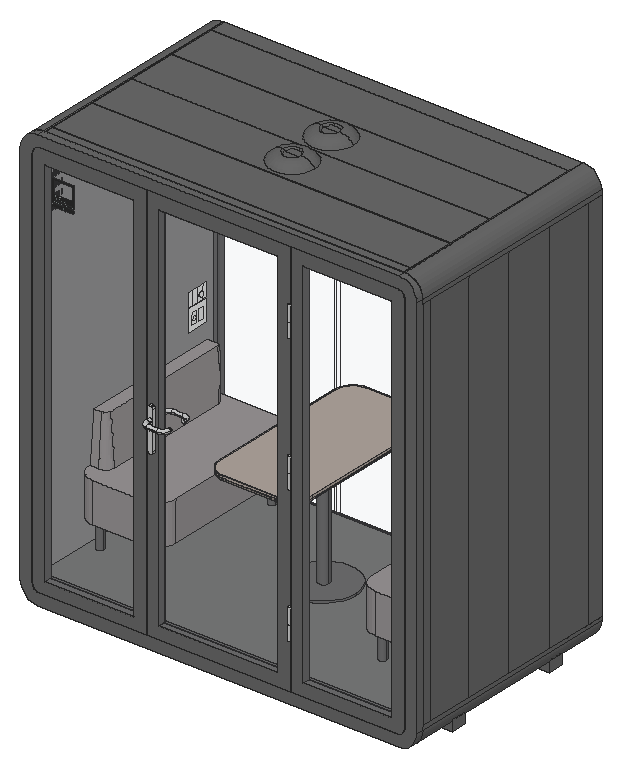
Revit family "MOTTO ML - black", category Entorno, Revit 2023 (continued)
Definition of nested family "Motto ML"
  Automatic sketch dimensions
    Extrusion 114 sketch curve to Extrusion 114 sketch curve = 5.406 mm
    Extrusion 114 sketch curve to Extrusion 114 sketch curve = 7.382 mm
    Extrusion 114 sketch curve to Extrusion 114 sketch curve = 5.539 mm
    Extrusion 114 sketch curve to Extrusion 114 sketch curve = 5.544 mm
    Extrusion 114 sketch curve to Extrusion 114 sketch curve = 11.358 mm  (x2)
    Extrusion 114 sketch curve to Extrusion 114 sketch curve = 11.629 mm
    Extrusion 114 sketch curve to Extrusion 114 sketch curve = 11.639 mm
    Extrusion 114 sketch curve to Extrusion 114 sketch curve = 5.825 mm
    Extrusion 114 sketch curve to Extrusion 114 sketch curve = 1.173 mm  (x2)
    Extrusion 114 sketch curve to Extrusion 114 sketch curve = 2.436 mm  (x2)
    Extrusion 114 sketch curve to Extrusion 114 sketch curve = 4.422 mm
    Extrusion 114 sketch curve to Extrusion 114 sketch curve = 0.578 mm  (x2)
    Extrusion 114 sketch curve to Extrusion 114 sketch curve = 1.93 mm  (x2)
    Extrusion 114 sketch curve to Extrusion 114 sketch curve = 0.414 mm  (x4)
    Extrusion 114 sketch curve to Extrusion 114 sketch curve = 3.706 mm
    Extrusion 114 sketch curve to Extrusion 114 sketch curve = 3.169 mm
    Extrusion 114 sketch curve to Extrusion 114 sketch curve = 3.023 mm  (x2)
    Extrusion 114 sketch curve to Extrusion 114 sketch curve = 0.156 mm
    Extrusion 114 sketch curve to Extrusion 114 sketch curve = 0.748 mm
    Extrusion 114 sketch curve to Extrusion 114 sketch curve = 1.565 mm
    Extrusion 114 sketch curve to Extrusion 114 sketch curve = 1.955 mm
    Extrusion 114 sketch curve to Extrusion 114 sketch curve = 2.276 mm
    Extrusion 114 sketch curve to Extrusion 114 sketch curve = 11.908 mm
    Extrusion 114 sketch curve to Extrusion 114 sketch curve = 8.038 mm
    Extrusion 114 sketch curve to Extrusion 114 sketch curve = 0.842 mm
    Extrusion 114 sketch curve to Extrusion 114 sketch curve = 0.375 mm  (x2)
    Extrusion 114 sketch curve to Extrusion 114 sketch curve = 3.297 mm
    Extrusion 114 sketch curve to Extrusion 114 sketch curve = 4.128 mm
    Extrusion 114 sketch curve to Extrusion 114 sketch curve = 1.987 mm
    Extrusion 114 sketch curve to Extrusion 114 sketch curve = 1.889 mm  (x2)
    Extrusion 114 sketch curve to Extrusion 114 sketch curve = 1.797 mm  (x3)
    Extrusion 114 sketch curve to Extrusion 114 sketch curve = 6.141 mm
    Extrusion 114 sketch curve to Extrusion 114 sketch curve = 4.462 mm
    Extrusion 114 sketch curve to Extrusion 114 sketch curve = 6.229 mm
    Extrusion 114 sketch curve to Extrusion 114 sketch curve = 2.94 mm
    Extrusion 114 sketch curve to Extrusion 114 sketch curve = 0.316 mm
    Extrusion 114 sketch curve to Extrusion 114 sketch curve = 0.241 mm  (x2)
    Extrusion 114 sketch curve to Extrusion 114 sketch curve = 12.049 mm
    Extrusion 115 sketch curve to Extrusion 115 sketch curve = 0 mm  (x2)
    plane 8 to Extrusion 115 sketch curve = 172.42 mm
    Extrusion 115 sketch curve to Extrusion 115 sketch curve = 3.965 mm
    Extrusion 115 sketch curve to Extrusion 115 sketch curve = 4 mm  (x2)
    Extrusion 115 sketch curve to Extrusion 115 sketch curve = 2.046 mm
    Extrusion 115 sketch curve to Extrusion 115 sketch curve = 0.5 mm  (x12)
    Extrusion 115 sketch curve to Extrusion 115 sketch curve = 2.736 mm  (x2)
    Extrusion 115 sketch curve to Extrusion 115 sketch curve = 1.621 mm
    Extrusion 115 sketch curve to Extrusion 115 sketch curve = 4.7 mm
    Extrusion 115 sketch curve to Extrusion 115 sketch curve = 5.159 mm
    Extrusion 115 sketch curve to Extrusion 115 sketch curve = 2.121 mm
    Extrusion 115 sketch curve to Extrusion 115 sketch curve = 2.081 mm
    Extrusion 115 sketch curve to Extrusion 115 sketch curve = 4.817 mm
    Extrusion 115 sketch curve to plane 5 = 172.133 mm
    Extrusion 115 sketch curve to Extrusion 115 sketch curve = 6.721 mm
    Extrusion 115 sketch curve to Extrusion 115 sketch curve = 5.672 mm
    Extrusion 115 sketch curve to Extrusion 115 sketch curve = 2.427 mm  (x2)
    Extrusion 115 sketch curve to Extrusion 115 sketch curve = 1.963 mm
    Extrusion 115 sketch curve to Extrusion 115 sketch curve = 2.463 mm
    Extrusion 115 sketch curve to Extrusion 115 sketch curve = 0.968 mm
    Extrusion 115 sketch curve to Extrusion 115 sketch curve = 7.468 mm
    Extrusion 116 sketch curve to plane 9 = 66 mm
    plane 10 to Extrusion 116 sketch curve = 66 mm
    plane 6 to Extrusion 116 sketch curve = 132.345 mm
    plane 6 to Extrusion 116 sketch curve = 65 mm
    Extrusion 117 sketch curve to plane 3 "Center (Left/Right)" = 381.56 mm
    Extrusion 117 sketch curve to Extrusion 117 sketch curve = 15 mm
    Extrusion 117 sketch curve to plane 4 = 59.475 mm
    plane 4 to Extrusion 117 sketch curve = 150.525 mm
    Sweep 118 sketch curve to plane 7 = 77.231 mm
    Sweep 118 sketch curve to plane 3 "Center (Left/Right)" = 366.56 mm
    Sweep 118 sketch curve to Sweep 118 sketch curve = 30 mm  (x2)
    Sweep 118 sketch curve to Sweep 118 sketch curve = 58.054 mm
    Sweep 118 sketch curve to Sweep 118 sketch curve = 8.98 mm
    Sweep 118 sketch curve to Sweep 118 sketch curve = 24.231 mm
    Sweep 118 sketch curve to profile plane = 0 mm  (x2)
    Extrusion 119 sketch curve to Extrusion 119 sketch curve = 0 mm  (x3)
    plane 4 to Extrusion 119 sketch curve = 36.176 mm
    Extrusion 119 sketch curve to plane 3 "Center (Left/Right)" = 371.178 mm
    Extrusion 119 sketch curve to Extrusion 119 sketch curve = 4.5 mm  (x2)
    Extrusion 119 sketch curve to Extrusion 119 sketch curve = 2.434 mm
    Extrusion 119 sketch curve to Extrusion 119 sketch curve = 0.008 mm
    Extrusion 119 sketch curve to Extrusion 119 sketch curve = 6.211 mm
    Extrusion 119 sketch curve to Extrusion 119 sketch curve = 1.001 mm
    Extrusion 119 sketch curve to Extrusion 119 sketch curve = 12.789 mm
    plane 10 to Extrusion 120 sketch curve = 105 mm
    Extrusion 120 sketch curve to plane 8 = 0 mm
    plane 8 to Extrusion 121 sketch curve = 40 mm
    plane 3 "Center (Left/Right)" to Extrusion 121 sketch curve = 346.943 mm
    plane 8 to Extrusion 122 sketch curve = 25 mm
    Extrusion 122 sketch curve to plane 3 "Center (Left/Right)" = 346.943 mm
    plane 10 to Extrusion 123 sketch curve = 105 mm
    Extrusion 123 sketch curve to plane 8 = 0 mm
    plane 3 "Center (Left/Right)" to Extrusion 124 sketch curve = 346.943 mm
    Extrusion 124 sketch curve to plane 8 = 0 mm
    Extrusion 125 sketch curve to plane 3 "Center (Left/Right)" = 346.943 mm
    Extrusion 125 sketch curve to plane 8 = 0 mm
    plane 10 to Sweep 126 sketch curve = 66 mm
    plane 8 to Sweep 126 sketch curve = 40 mm
    Sweep 126 sketch curve to plane 7 = 40 mm
    profile plane to Sweep 126 sketch curve = 0 mm
    profile plane to Sweep 126 sketch curve = 10 mm
    profile plane to Sweep 126 sketch curve = 133.345 mm
    Sweep 126 sketch curve to Sweep 126 sketch curve = 2087.397 mm
    radius of Sweep 6 sketch curve = 10 mm
    radius of Extrusion 24 sketch curve = 30 mm
    radius of Extrusion 25 sketch curve = 177.8 mm
    radius of Extrusion 27 sketch curve = 20 mm  (x8)
    radius of Extrusion 44 sketch curve = 8 mm
    radius of Extrusion 45 sketch curve = 8 mm
    radius of Extrusion 46 sketch curve = 8 mm
    radius of Extrusion 47 sketch curve = 8 mm
    radius of Extrusion 48 sketch curve = 8 mm
    radius of Extrusion 49 sketch curve = 8 mm
    radius of Extrusion 66 sketch curve = 31.75 mm
    radius of Extrusion 67 sketch curve = 21 mm
    radius of Extrusion 67 sketch curve = 19 mm
    radius of Extrusion 75 sketch curve = 10 mm
    radius of Extrusion 75 sketch curve = 11 mm
    radius of Extrusion 77 sketch curve = 11.249 mm
    radius of Extrusion 77 sketch curve = 10 mm
    radius of Extrusion 79 sketch curve = 11.85 mm
    radius of Extrusion 79 sketch curve = 10.85 mm
    radius of Extrusion 115 sketch curve = 11.85 mm
    radius of Extrusion 115 sketch curve = 10.85 mm
    radius of Sweep 118 sketch curve = 10 mm
